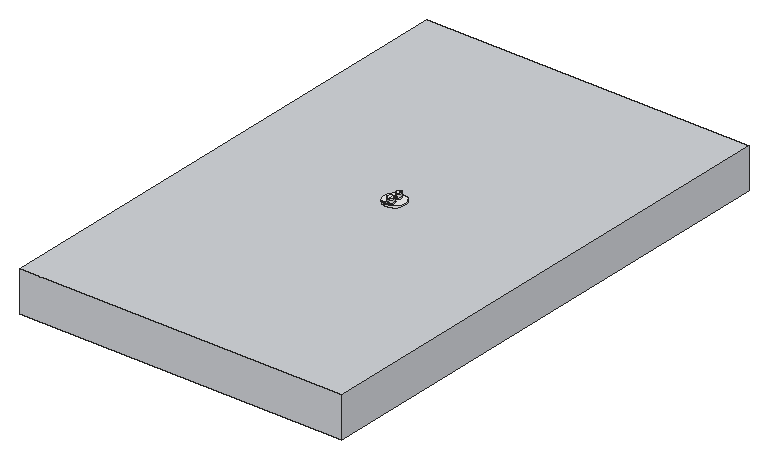
Revit family "Thermostatic_Trim-Grohe-Atrio_New-24151XXX_Series", category Plumbing Fixtures, host Face, Revit 2019
Family settings
  Host = Face
  Round Connector Dimension = Use Diameter
  Part Type = Normal
  OmniClass Number = 23.45.05.14.17
  OmniClass Title = Showers
  Cut with Voids When Loaded = No
  Shared = Yes
  Room Calculation Point = No
Parameters (values of type "24151003")
  Width = 6 1/4"  # constant formula
  Waste Connection = no
  Warranty Information = "Limited Lifetime Warranty"  # constant formula
  Warranty Documentation Link = "https://cdn.cloud.grohe.com/tpi/1000/1900/1940/1949/1949006/original/1949006.pdf"
  WFU = 0  # constant formula
  Vent Connection = no
  URL = "https://www.grohe.com"
  Type Comments = ""
  Product Page URL = "https://www.grohe.us/Thermostatic-Valves-Trims/Dual-Function-2-Handle-Thermostatic-Valve-Trim/GROHE-CHROME-24151003"
  Product Documentation Link = "https://americanstandard.box.com/shared/static/39mpz7mwpol91me728g4psh58vajdj7c.pdf"
  Price = "Prices may vary. Please consult Manufacturer Representative for most up-to-date price list."  # constant formula
  Model = "24151003"
  Material = "Metal-Grohe-001-StarLight_Chrome"
  Manufacturer = "Grohe"  # constant formula
  Length = 1 11/16"  # constant formula
  Installation Type = "Wall Mounted"  # constant formula
  IAPMO Compliance = "ASME A112.18.1/CSA B125.1"
  Height = 6 1/4"  # constant formula
  HWFU = 0  # constant formula
  HW Connection = no
  Finish = Metal-Grohe-001-StarLightChrome
  Description = "Atrio® New Dual Function 2-Handle Thermostatic Valve Trim"  # constant formula
  Default Elevation = 40"  # constant formula
  Creation Date = "7/6/2021"  # constant formula
  CWFU = 0  # constant formula
  CW Connection = no
  CEC Compliant = yes
  Assembly Code = "D2010710"
Types (2): name | Product Page URL | Model | Material | Finish
  24151003 | "https://www.grohe.us/Thermostatic-Valves-Trims/Dual-Function-2-Handle-Thermostatic-Valve-Trim/GROHE-CHROME-24151003" | "24151003" | "Metal-Grohe-001-StarLight_Chrome" | Metal-Grohe-001-StarLightChrome
  24151EN3 | "https://www.grohe.us/Thermostatic-Valves-Trims/Dual-Function-2-Handle-Thermostatic-Valve-Trim/GROHE-BRUSHED-NICKEL-24151EN3" | "24151EN3" | "Metal-Grohe-EN3-Brushed Nickel" | Metal-Grohe-EN3-Brushed Nickel
Reference planes (in)
  plane 1 "Center (Front/Back)": y = 0
  plane 2: z = 0
  plane 3 "Center (Left/Right)": x = 0
  plane 4: y = -40
  plane 5: y = 3.125
  plane 6: y = -3.125
  plane 7: x = -3.125
  plane 8: x = 3.125
  plane 9: z = 1.6875
  plane 10: y = 2.11288
  plane 11: y = 1.42462
  plane 12: y = 0.73637
  plane 13: y = -0.5625
  plane 14: y = -1.49515
  plane 15: y = -2.42779
  plane 16: z = 0.375
Forms (in)
  Extrusion 1, solid
    sketch origin (0, 0, 0) x (1, 0, 0) y (0, 1, 0)
      loop
        line (-48, 72) -> (-48, -79.70833) -> (48, -79.70833) -> (48, 72) -> (-48, 72)
    from 0 to -12
  Extrusion 2, solid, material "Metal-Grohe-001-StarLightChrome" <- "Finish"
    sketch origin (0, 0, 0) x (1, 0, 0) y (0, 1, 0)
      loop
        spline (3.125, 0) -> (3.01852, 0.80881) -> (2.70633, 1.5625) -> (2.20971, 2.20971) -> (1.5625, 2.70633) -> (0.80881, 3.01852) -> (0, 3.125) -> (-0.80881, 3.01852) -> (-1.5625, 2.70633) -> (-2.20971, 2.20971) -> (-2.70633, 1.5625) -> (-3.01852, 0.80881) -> (-3.125, 0)
        spline (-3.125, 0) -> (-3.01852, -0.80881) -> (-2.70633, -1.5625) -> (-2.20971, -2.20971) -> (-1.5625, -2.70633) -> (-0.80881, -3.01852) -> (0, -3.125) -> (0.80881, -3.01852) -> (1.5625, -2.70633) -> (2.20971, -2.20971) -> (2.70633, -1.5625) -> (3.01852, -0.80881) -> (3.125, 0)
    from 0 to 0.375
  Revolve 3, solid, material "Metal-Grohe-001-StarLightChrome" <- "Finish"
    sketch origin (0, 0, -1.27344) x (0, 1, 0) y (0, 0, 1)
      loop
        line (-2.40717, 2.56703) -> (-2.40717, 2.73739) -> (-3.67096, 2.73739) -> (-3.67096, 2.56703) -> (-2.40717, 2.56703)
      axis (-2.40717, 2.56703) -> (-3.67096, 2.56703)
    angle from 0 to 360
  Extrusion 4, solid, material "Metal-Grohe-RED"
    sketch origin (1.75548, -2.26541, 0) x (1, 0, 0) y (0, 1, 0)
      loop
        arc (-2.71182, 1.31893) -> (-2.70658, 1.29526) -> (-2.68288, 1.30037) r 0.01719
        arc (-2.68288, 1.30037) -> (-2.39029, 1.60808) -> (-2.0065, 1.78973) r 1.15872
        arc (-2.0065, 1.78973) -> (-1.99448, 1.81021) -> (-2.01488, 1.82235) r 0.01684
        arc (-2.01488, 1.82235) -> (-2.41177, 1.63767) -> (-2.71182, 1.31893) r 1.15872
    from 0 to 0.37584
  Revolve 5, solid, material "Metal-Grohe-001-StarLightChrome" <- "Finish"
    sketch origin (0, 0, 0) x (0, 1, 0) y (0, 0, 1)
      loop
        line (1.42462, 0.375) -> (2.11288, 0.375) -> (2.11288, 0.6968) -> (2.05723, 0.6968) -> (2.02882, 0.72522) -> (2.09001, 0.72522) -> (2.11288, 0.74808) -> (2.11288, 1.52345) -> (2.05723, 1.52345) -> (2.02882, 1.55187) -> (2.09001, 1.55187) -> (2.11288, 1.57473) -> (2.11288, 1.6875) -> (1.42462, 1.6875) -> (1.42462, 0.375)
      axis (1.42462, 0.375) -> (1.42462, 1.6875)
    angle from 0 to 360
  Revolve 6, solid, material "Metal-Grohe-001-StarLightChrome" <- "Finish"
    sketch origin (0, 0, 0) x (0, 1, 0) y (0, 0, 1)
      loop
        line (2.07052, 1.32074) -> (2.59681, 1.32074) -> (2.59681, 1.47495) -> (2.07052, 1.47495) -> (2.07052, 1.32074)
      axis (2.59681, 1.32074) -> (2.07052, 1.32074)
    angle from 0 to 360
  Revolve 7, solid, material "Metal-Grohe-001-StarLightChrome" <- "Finish"
    sketch origin (0, 0, 1.18966) x (1, 0, 0) y (0, 1, 0)
      loop
        arc (-0.26177, -0.59999) -> (-0.13222, -0.57192) -> (0, -0.5625) r 0.93265
        line (0, -0.5625) -> (0, -0.52362)
        arc (0, -0.52362) -> (-0.13232, -0.53337) -> (-0.26177, -0.5625) r 0.89891
        arc (-0.26177, -0.5625) -> (-0.26791, -0.58124) -> (-0.26177, -0.59999) r 0.0317
      axis (0, -0.59999) -> (0, -0.52362)
    angle from 0 to 360
  Extrusion 8, solid, material "Metal-Grohe-Blue"
    sketch origin (-1.75548, -2.26541, 0) x (-1, 0, 0) y (0, -1, 0)
      loop
        arc (-2.71182, -1.31893) -> (-2.41177, -1.63767) -> (-2.01488, -1.82235) r 1.15872
        arc (-2.01488, -1.82235) -> (-1.99448, -1.81021) -> (-2.0065, -1.78973) r 0.01684
        arc (-2.0065, -1.78973) -> (-2.39029, -1.60808) -> (-2.68288, -1.30037) r 1.15872
        arc (-2.68288, -1.30037) -> (-2.70658, -1.29526) -> (-2.71182, -1.31893) r 0.01719
    from 0 to 0.37584
  Extrusion 9, solid, material "Metal-Grohe-001-StarLightChrome"
    sketch origin (0, 0, -1.31166) x (1, 0, 0) y (0, 1, 0)
      loop
        circle (-1.37367, 1.42462) r 0.04384
    from 1.68666 to 1.69391
  Revolve 10, solid, material "Metal-Grohe-001-StarLightChrome" <- "Finish"
    sketch origin (0, -2.91977, 0) x (0, 1, 0) y (0, 0, 1)
      loop
        line (1.42462, 0.375) -> (2.35727, 0.375) -> (2.35727, 0.6968) -> (2.30163, 0.6968) -> (2.27321, 0.72522) -> (2.33441, 0.72522) -> (2.35727, 0.74808) -> (2.35727, 1.52345) -> (2.30163, 1.52345) -> (2.27321, 1.55187) -> (2.33441, 1.55187) -> (2.35727, 1.57473) -> (2.35727, 1.6875) -> (1.42462, 1.6875) -> (1.42462, 0.375)
      axis (1.42462, 0.375) -> (1.42462, 1.6875)
    angle from 0 to 360
Cuts and joins
  joined: Extrusion 2, Revolve 3
Lines and regions (in)
  Masking region 1
    outline origin (0, 0, 0) x (1, 0, 0) y (0, 0, 1)
      loop
        line (3.12747, 0) -> (3.12747, 0.375) -> (0.93265, 0.375) -> (0.93265, 0.69681) -> (0.877, 0.69681) -> (0.84859, 0.72523) -> (0.90996, 0.72523) -> (0.93259, 0.74786) -> (0.93259, 1.52345) -> (0.87701, 1.52345) -> (0.84859, 1.55188) -> (0.90996, 1.55188) -> (0.93259, 1.57451) -> (0.93259, 1.6875) -> (-0.93259, 1.6875) -> (-0.93259, 1.57451) -> (-0.90996, 1.55188) -> (-0.84859, 1.55188) -> (-0.87701, 1.52345) -> (-0.93259, 1.52345) -> (-0.93259, 0.74786) -> (-0.90996, 0.72523) -> (-0.84859, 0.72523) -> (-0.877, 0.69681) -> (-0.93265, 0.69681) -> (-0.93265, 0.375) -> (-3.12524, 0.375) -> (-3.12524, 0) -> (3.12747, 0)
  symbolic lines, detail levels fine
    curve 1: line (0.93265, 0, 0.375) -> (-0.93265, 0, 0.375)
    curve 3: circle (0, 0, 1.32074) r 0.15421 normal (0, -1, 0)
    curve 5: line (0.63203, 0, 0.69681) -> (0.60363, 0, 0.72522)
    curve 13: line (0.68832, 0, 0.6968) -> (0.68832, 0, 0.375)
    curve 14: line (-0.68832, 0, 0.6968) -> (-0.68832, 0, 0.375)
    curve 15: line (0.68832, 0, 0.74786) -> (0.68832, 0, 1.52345)
    curve 16: line (-0.68832, 0, 0.74786) -> (-0.68832, 0, 1.52345)
    curve 17: line (0.66537, 0, 0.72522) -> (0.68801, 0, 0.74786)
    curve 18: line (-0.66537, 0, 0.72522) -> (-0.68801, 0, 0.74786)
    curve 19: line (-0.63204, 0, 0.6968) -> (-0.60363, 0, 0.72522)
  symbolic lines, detail levels medium+fine
    curve 2: line (0.93265, 0, 0.375) -> (-0.93265, 0, 0.375)
    curve 4: line (0.669, 0, 0.69681) -> (0.63203, 0, 0.69681)
    curve 6: line (0.90978, 0, 0.72522) -> (-0.84859, 0, 0.72522)
    curve 7: line (0.66539, 0, 1.55187) -> (0, 0, 1.55187)
    curve 8: line (0.87704, 0, 1.52345) -> (-0.87692, 0, 1.52345)
    curve 9: line (0.87261, 0, 0.6968) -> (-0.87739, 0, 0.6968)
    curve 10: line (0.93259, 0, 1.57451) -> (-0.93259, 0, 1.57451)
    curve 11: line (0.84859, 0, 1.55187) -> (-0.84859, 0, 1.55187)
    curve 12: line (0.93259, 0, 0.74786) -> (-0.93259, 0, 0.74786)
Dimensions and locks (in)
  plane 4 to plane 1 "Center (Front/Back)" = 40"
  "Width": plane 5 to plane 6
  "Width": plane 7 to plane 8
  plane 12 to plane 11 to plane 10 = 0.68825" locked, 0.68825" locked
  plane 13 to plane 14 to plane 15 = 0.93265" locked, 0.93265" locked
  locked: plane 16 to Extrusion 1 at 0.375
  equal spacing: plane 5, plane 1 "Center (Front/Back)", plane 6, locked at 3.125 each
  "Length": plane 9 to Extrusion 1
  aligned and locked: plane 2 to Extrusion 1
  aligned and locked: level to Extrusion 1
  aligned and locked: Extrusion 4 to Extrusion 1
  aligned and locked: plane 10 to Revolve 5 sketch curve
  aligned and locked: plane 9 to Revolve 5 sketch curve
  aligned and locked: Revolve 5 sketch curve to Revolve 5 sketch curve
  aligned and locked: cut or joined group of Extrusion 2, Revolve 3 to Revolve 5 sketch curve
  aligned and locked: Extrusion 9 to cut or joined group of Extrusion 2, Revolve 3
  aligned and locked: Revolve 10 sketch curve to Revolve 10 sketch curve
Automatic sketch dimensions
  Extrusion 1 sketch curve to Extrusion 1 sketch curve = 96"
  Extrusion 1 sketch curve to Extrusion 1 sketch curve = 151.70833"
  plane 1 "Center (Front/Back)" to Extrusion 2 sketch curve = 0"
  Extrusion 2 sketch curve to plane 3 "Center (Left/Right)" = 0"
  Extrusion 2 sketch curve to plane 8 = 0"
  Revolve 3 sketch curve to plane 6 = 0.54596"
  Revolve 3 sketch curve to plane 15 = 0.02062"
  Revolve 3 sketch curve to plane 9 = 0.39391"  (x2)
  Revolve 3 sketch curve to Revolve 3 sketch curve = 0.17037"
  Revolve 3 sketch curve to plane 1 "Center (Front/Back)" = 0.06744"
  Revolve 3 sketch curve to Revolve 3 sketch curve = 0.15205"
  Extrusion 4 sketch curve to plane 13 = 0.39318"
  Extrusion 4 sketch curve to plane 3 "Center (Left/Right)" = 0.94181"
  plane 13 to Extrusion 4 sketch curve = 0.10311"
  Extrusion 4 sketch curve to plane 3 "Center (Left/Right)" = 0.25531"
  plane 3 "Center (Left/Right)" to Extrusion 4 sketch curve = 0.0222"
  Extrusion 4 sketch curve to Extrusion 4 sketch curve = 0.0222"
  Extrusion 4 sketch curve to plane 14 = 0.07189"
  Extrusion 4 sketch curve to Extrusion 4 sketch curve = 0.02907"
  Extrusion 4 sketch curve to Extrusion 4 sketch curve = 0.01452"
  Extrusion 4 sketch curve to Extrusion 4 sketch curve = 0"  (x3)
  Revolve 5 sketch curve to plane 11 = 0"  (x2)
  Revolve 5 sketch curve to plane 10 = 0"  (x2)
  Revolve 5 sketch curve to plane 10 = 0.08406"  (x2)
  Revolve 5 sketch curve to Revolve 5 sketch curve = 0.02842"  (x4)
  Revolve 5 sketch curve to plane 10 = 0.02286"  (x2)
  Revolve 5 sketch curve to Revolve 5 sketch curve = 0.3218"
  Revolve 5 sketch curve to Revolve 5 sketch curve = 0.02286"  (x2)
  Revolve 5 sketch curve to plane 9 = 21/128"
  Revolve 5 sketch curve to Revolve 5 sketch curve = 0.30902"
  Revolve 6 sketch curve to plane 10 = 0.04236"
  plane 10 to Revolve 6 sketch curve = 0.48393"
  Revolve 6 sketch curve to plane 9 = 0.36676"
  Revolve 6 sketch curve to Revolve 6 sketch curve = 0.15421"
  Revolve 6 sketch curve to Revolve 6 sketch curve = 0"  (x2)
  plane 10 to Revolve 6 sketch curve = 0.20764"
  Revolve 7 sketch curve to plane 13 = 0"  (x2)
  Revolve 7 sketch curve to plane 3 "Center (Left/Right)" = 0"  (x2)
  Revolve 7 sketch curve to plane 14 = 0"
  Revolve 7 sketch curve to plane 3 "Center (Left/Right)" = 0.00024"
  Revolve 7 sketch curve to plane 13 = 0.01874"
  Revolve 7 sketch curve to plane 3 "Center (Left/Right)" = 0.23621"
  plane 14 to Revolve 7 sketch curve = 0.07262"
  plane 13 to Revolve 7 sketch curve = 0.03888"
  Revolve 7 sketch curve to Revolve 7 sketch curve = 0.02782"
  Revolve 7 sketch curve to Revolve 7 sketch curve = 0.07457"
  plane 13 to Extrusion 8 sketch curve = 0.39318"
  Extrusion 8 sketch curve to plane 3 "Center (Left/Right)" = 0.94181"
  Extrusion 8 sketch curve to plane 13 = 0.10311"
  Extrusion 8 sketch curve to plane 3 "Center (Left/Right)" = 0.25531"
  plane 3 "Center (Left/Right)" to Extrusion 8 sketch curve = 0.0222"
  Extrusion 8 sketch curve to Extrusion 8 sketch curve = 0.0222"
  plane 14 to Extrusion 8 sketch curve = 0.07189"
  Extrusion 8 sketch curve to Extrusion 8 sketch curve = 0.02907"
  Extrusion 8 sketch curve to Extrusion 8 sketch curve = 0.01452"
  Extrusion 8 sketch curve to Extrusion 8 sketch curve = 0"  (x3)
  Extrusion 9 sketch curve to plane 11 = 0"
  Extrusion 9 sketch curve to plane 3 "Center (Left/Right)" = 1.37367"
  Revolve 10 sketch curve to plane 14 = 0"  (x2)
  Revolve 10 sketch curve to plane 13 = 0"  (x3)
  Revolve 10 sketch curve to plane 16 = 0"
  Revolve 10 sketch curve to plane 9 = 0"
  Revolve 10 sketch curve to plane 13 = 0.08406"  (x2)
  Revolve 10 sketch curve to Revolve 10 sketch curve = 0.02842"  (x4)
  Revolve 10 sketch curve to plane 13 = 0.02286"  (x2)
  plane 16 to Revolve 10 sketch curve = 0.3218"
  Revolve 10 sketch curve to Revolve 10 sketch curve = 0.02286"  (x2)
  Revolve 10 sketch curve to plane 9 = 21/128"
  Revolve 10 sketch curve to Revolve 10 sketch curve = 0.30902"
  Masking region 1 sketch curve to level = 0"
  Masking region 1 sketch curve to plane 16 = 0"  (x2)
  Masking region 1 sketch curve to plane 9 = 0"
  plane 7 to Masking region 1 sketch curve = 0.00024"
  Masking region 1 sketch curve to plane 3 "Center (Left/Right)" = 0.93265"
  Masking region 1 sketch curve to plane 9 = 21/128"
  Masking region 1 sketch curve to Masking region 1 sketch curve = 0.00006"
  Masking region 1 sketch curve to Masking region 1 sketch curve = 0"  (x2)
  plane 16 to Masking region 1 sketch curve = 0.35023"  (x2)
  Masking region 1 sketch curve to Masking region 1 sketch curve = 0.02263"  (x8)
  Masking region 1 sketch curve to Masking region 1 sketch curve = 0.03294"
  plane 16 to Masking region 1 sketch curve = 0.32181"  (x2)
  Masking region 1 sketch curve to Masking region 1 sketch curve = 0.03295"  (x3)
  Masking region 1 sketch curve to Masking region 1 sketch curve = 0.02842"  (x2)
  Masking region 1 sketch curve to Masking region 1 sketch curve = 0.02843"  (x4)
  plane 3 "Center (Left/Right)" to Masking region 1 sketch curve = 0.84859"
  Masking region 1 sketch curve to plane 9 = 0.13562"
  Masking region 1 sketch curve to Masking region 1 sketch curve = 0.02269"
  Masking region 1 sketch curve to plane 8 = 0.00247"
  curve 1 to plane 16 = 0"
  curve 3 to plane 3 "Center (Left/Right)" = 0"
  curve 7 to plane 3 "Center (Left/Right)" = 0"
  plane 3 "Center (Left/Right)" to curve 4 = 0.63203"
  plane 16 to curve 4 = 0.32181"
  curve 3 to plane 9 = 0.36676"
  curve 19 to plane 3 "Center (Left/Right)" = 0.60363"
  curve 19 to curve 19 = 0.02842"
  curve 18 to curve 19 = 0.03333"
  curve 18 to curve 18 = 0.02264"
  curve 16 to plane 9 = 21/128"
  curve 16 to plane 3 "Center (Left/Right)" = 0.68832"
  curve 14 to curve 19 = 0.05627"
  curve 6 to curve 16 = 0.16027"
  curve 11 to curve 16 = 0.16027"
  curve 8 to curve 11 = 0.02833"
  curve 9 to curve 6 = 0.0288"
  curve 10 to curve 8 = 0.05567"
  curve 12 to curve 9 = 0.0552"
  curve 2 to curve 14 = 0.24433"
  curve 1 to curve 2 = 0"
  curve 5 to curve 4 = 0.02841"
  curve 4 to curve 17 = 0.03334"
  curve 7 to plane 9 = 0.13563"
  plane 3 "Center (Left/Right)" to curve 7 = 0.66539"
  curve 17 to curve 4 = 0.00363"
  curve 17 to curve 17 = 0.02264"
  curve 4 to curve 13 = 0.01931"
  curve 17 to curve 15 = 0.0003"
  curve 15 to curve 11 = 0.16027"
  curve 13 to curve 9 = 0.18429"
  curve 11 to curve 8 = 0.02845"
  curve 9 to curve 6 = 0.03717"
  curve 8 to curve 10 = 0.05555"
  curve 6 to curve 12 = 0.0228"
  curve 13 to curve 1 = 0.24433"
  curve 9 to curve 4 = 0"
  curve 14 to curve 18 = 0.02842"
  curve 17 to curve 15 = 0.02264"
  curve 8 to curve 11 = 0.02842"
  curve 8 to curve 10 = 0.05106"
  radius of Extrusion 9 sketch curve = 0.04384"
  radius of curve 3 = 0.15421"
